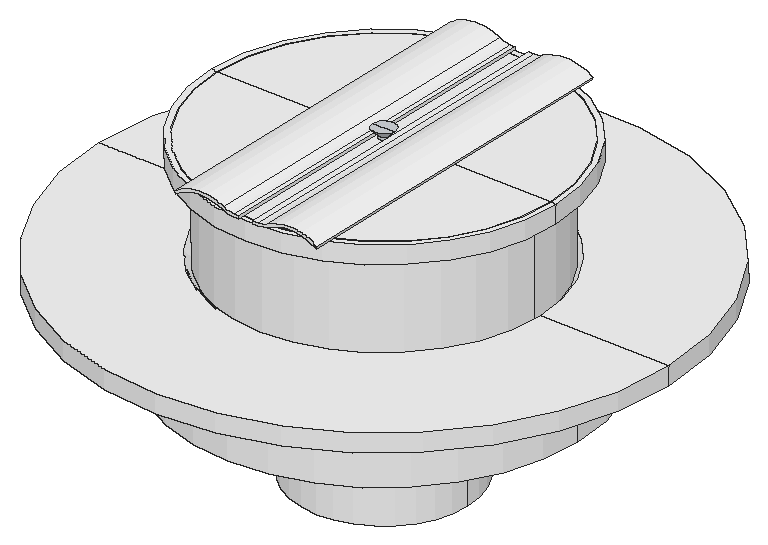
Revit family "Plumbing Fixture-FloorDrain_Mifab_C1100-RC", category Plumbing Fixtures, host Face, Revit 2013
Parameters (values of type "2"")
  WFU = 0
  URL = "WWW.MIFAB.COM"
  Top Assembly Height = 1.650"
  Strainer Radius = Stainer Diameter / 2  # 3.176"
  Stainer Diameter = 6.352"
  Pipe Radius = Pipe Diameter / 2  # 1.000"
  Pipe Diameter = 2.000"
  Model = "C1100-RC"
  Manufacturer = "MIFAB"
  Floor Drain Material = Paint - Sherwin Williams Paint - #952C2A - Bellwood Red
  Description = "FLOOR CLEANOUT WITH CARPET MARKER ROUND ADJUSTABLE COVER AND PLUG"
  Default Elevation = 0.000"
  Body Height = 2.750"
Types (4): name | Pipe Radius | Pipe Diameter
  (no name) | 1.000" | 2.000"
  3" | 1.500" | 3.000"
  2" | 1.000" | 2.000"
  4" | 2.000" | 4.000"
Reference planes (in)
  plane 1 "Center (Front/Back)": y = 0
  plane 2: z = 0
  plane 3 "Center (Left/Right)": x = 0
  plane 4: x = -3.176
  plane 5: x = 3.176
  plane 6: x = -1
  plane 7: x = 1
  plane 8: z = -4.4
  plane 9: z = -1.65
  plane 10: z = 0
  plane 11: z = 0
Forms (in)
  Revolve 1, solid, material "Paint - Sherwin Williams Paint - #952C2A - Bellwood Red" <- "Floor Drain Material"
    sketch origin (0, 0, 0) x (1, 0, 0) y (0, 0, 1)
      loop
        line (-2.12, -1.73) -> (-2.2, -1.65) -> (-4, -1.65) -> (-4, -1.9) -> (-2.73, -1.9) -> (-2.73, -3.05) -> (-2.5, -3.05) -> (-1.18, -3.4) -> (-1.18, -4.4) -> (-1, -4.4) -> (-1, -3.26151) -> (-2.32, -2.91151) -> (-2.32, -1.9) -> (-2.2, -1.9) -> (-2.12, -1.82) -> (-2.12, -1.73)
      axis (0, -4.4) -> (0, -1.65)
    angle from 0 to 360
  Revolve 2, solid, material "Paint - Sherwin Williams Paint - #952C2A - Bellwood Red" <- "Floor Drain Material"
    sketch origin (0, 0, 0) x (1, 0, 0) y (0, 0, 1)
      loop
        line (-2.34014, -0.16966) -> (-2.42014, -0.16966) -> (-2.42014, -0.41966) -> (-2.12014, -0.41966) -> (-2.12014, -1.99221) -> (-2.04014, -2.06966) -> (-1.97014, -2.06966) -> (-1.97014, -0.32966) -> (-2.34014, -0.32966) -> (-2.34014, -0.16966)
      axis (0, -0.16966) -> (0, -2.06966)
    angle from 0 to 360
  Revolve 3, solid
    sketch origin (0, 0, 0) x (1, 0, 0) y (0, 0, 1)
      loop
        line (0, -1.05366) -> (0, -0.05366) -> (-0.15, -0.05366) -> (-0.07, -0.13366) -> (-0.07, -1.05366) -> (0, -1.05366)
      axis (0, -0.05366) -> (0, -1.05366)
    angle from 0 to 360
  Revolve 4, solid, material "Paint - Sherwin Williams Paint - #952C2A - Bellwood Red" <- "Floor Drain Material"
    sketch origin (0, 0, 0) x (1, 0, 0) y (0, 0, 1)
      loop
        line (-2.34014, -0.16966) -> (-2.34014, -0.32966) -> (0, -0.32966) -> (0, -0.16966) -> (-2.34014, -0.16966)
      axis (0, -0.16966) -> (0, -0.32966)
    angle from 0 to 360
  Extrusion 5, solid, material "Paint - Sherwin Williams Paint - #952C2A - Bellwood Red" <- "Floor Drain Material"
    sketch origin (0, 0, 0.00021) x (1, 0, 0) y (0, 0, 1)
      loop
        arc (-0.30866, -0.09854) -> (-0.65918, -0.02053) -> (-1, -0.13366) r 0.67378
        line (-1, -0.13366) -> (-0.98889, -0.16966)
        arc (-0.98889, -0.16966) -> (-0.66275, -0.05678) -> (-0.32556, -0.13032) r 0.63778
        arc (-0.32556, -0.13032) -> (-0.24839, -0.15682) -> (-0.16781, -0.16966) r 0.47319
        line (-0.16781, -0.16966) -> (-0.1, -0.16966) -> (-0.1, -0.13366) -> (-0.16781, -0.13366)
        arc (-0.16781, -0.13366) -> (-0.24034, -0.12456) -> (-0.30866, -0.09854) r 0.30661
      loop
        arc (1, -0.13366) -> (0.65918, -0.02053) -> (0.30866, -0.09854) r 0.67378
        arc (0.30866, -0.09854) -> (0.24034, -0.12456) -> (0.16781, -0.13366) r 0.30661
        line (0.16781, -0.13366) -> (0.1, -0.13366) -> (0.1, -0.16966) -> (0.16781, -0.16966)
        arc (0.16781, -0.16966) -> (0.24839, -0.15682) -> (0.32556, -0.13032) r 0.47319
        arc (0.32556, -0.13032) -> (0.66275, -0.05678) -> (0.98889, -0.16966) r 0.63778
        line (0.98889, -0.16966) -> (1, -0.13366)
    from -2.41991 to 2.42019
Lines and regions (in)
  symbolic lines
    curve 1: circle (0, 0, 0) r 3.176 normal (0, 0, 1)
Dimensions and locks (in)
  equal spacing: plane 5, plane 3 "Center (Left/Right)", plane 4
  "Stainer Diameter": plane 5 to plane 4
  equal spacing: plane 7, plane 3 "Center (Left/Right)", plane 6
  "Pipe Diameter": plane 7 to plane 6
  locked: Revolve 1 sketch curve to Revolve 1 sketch curve at 0.25
  locked: Revolve 1 sketch curve to Revolve 1 sketch curve at 1.88
  locked: Revolve 1 sketch curve to Revolve 1 sketch curve at 0.41
  locked: Revolve 1 sketch curve to Revolve 1 sketch curve at 0.18  (x2)
  locked: Revolve 1 sketch curve to Revolve 1 sketch curve at 1.13849
  locked: Revolve 1 sketch curve to Revolve 1 sketch curve at 1.01151
  "Body Height": plane 9 to plane 8
  locked: Revolve 2 sketch curve to Revolve 2 sketch curve at 0.08
  locked: Revolve 2 sketch curve to Revolve 2 sketch curve at 1.74
  locked: Revolve 2 sketch curve to Revolve 2 sketch curve at 0.16
  locked: Revolve 2 sketch curve to Revolve 2 sketch curve at 0.15
  locked: Revolve 2 sketch curve to Revolve 2 sketch curve at 0.25
  locked: Revolve 1 sketch curve to Revolve 1 sketch curve at 4
  locked: Revolve 1 sketch curve to Revolve 1 sketch curve at 1
  locked: Revolve 1 sketch curve to Revolve 1 sketch curve at 1.15
  locked: Revolve 1 sketch curve to Revolve 1 sketch curve at 0.23
  locked: Revolve 1 sketch curve to Revolve 1 sketch curve at 2.73
  locked: Revolve 2 sketch curve to Revolve 2 sketch curve at 2.42014
  "Top Assembly Height": host face to plane 9
  "Strainer Radius": radius of curve 1
  aligned and locked: plane 2 to host face
  aligned and locked: level to host face
  aligned and locked: plane 1 "Center (Front/Back)" to curve 1
  aligned and locked: plane 3 "Center (Left/Right)" to curve 1
  aligned and locked: plane 3 "Center (Left/Right)" to Revolve 1 sketch curve
  aligned and locked: plane 6 to Revolve 1  (x2)
  aligned and locked: plane 7 to Revolve 1  (x2)
  aligned and locked: Revolve 3 sketch curve to plane 3 "Center (Left/Right)"  (x2)
  aligned and locked: plane 9 to Revolve 1
  aligned and locked: level to plane 10
  aligned and locked: level to plane 11
  aligned and locked: Revolve 2 sketch curve to plane 3 "Center (Left/Right)"
  aligned and locked: Revolve 4 sketch curve to plane 3 "Center (Left/Right)"
  aligned and locked: Revolve 4 sketch curve to Revolve 2  (x2)
  aligned and locked: Revolve 1 sketch curve to plane 6
Automatic sketch dimensions
  host sketch curve to host sketch curve = 96.000"  (x2)
  Revolve 2 sketch curve to plane 9 = 0.34221"
  plane 4 to Revolve 2 sketch curve = 1.05586"
  Revolve 2 sketch curve to Revolve 2 sketch curve = 0.080"
  Revolve 2 sketch curve to plane 9 = 0.350"
  level to Revolve 2 sketch curve = 1.750"
  Revolve 3 sketch curve to plane 3 "Center (Left/Right)" = 0.150"
  plane 9 to Revolve 3 sketch curve = 0.59634"
  Revolve 3 sketch curve to plane 9 = 0.000"
  Revolve 3 sketch curve to plane 3 "Center (Left/Right)" = 0.070"
  Revolve 3 sketch curve to level = 0.13366"
  Revolve 3 sketch curve to Revolve 3 sketch curve = 0.080"
  level to Revolve 3 sketch curve = 0.250"
  Revolve 2 sketch curve to plane 9 = 0.41966"
  Revolve 4 sketch curve to plane 3 "Center (Left/Right)" = 0.000"
  Revolve 4 sketch curve to Revolve 4 sketch curve = 0.30895"
  level to Revolve 4 sketch curve = 0.0889"
  Revolve 1 sketch curve to plane 9 = 0.000"
  plane 4 to Revolve 1 sketch curve = 0.976"
  Revolve 1 sketch curve to plane 9 = 0.170"
  Revolve 1 sketch curve to Revolve 1 sketch curve = 0.080"
  Revolve 1 sketch curve to plane 9 = 0.080"
  Revolve 1 sketch curve to plane 8 = 1.750"
  level to Revolve 1 sketch curve = 5.350"
  plane 4 to Revolve 4 sketch curve = 0.83586"
  Extrusion 5 sketch curve to Extrusion 5 sketch curve = 0.000"  (x6)
  plane 8 to Extrusion 5 sketch curve = 4.26655"  (x2)
  plane 5 to Extrusion 5 sketch curve = 4.176"
  plane 8 to Extrusion 5 sketch curve = 4.23055"  (x3)
  Extrusion 5 sketch curve to Extrusion 5 sketch curve = 0.01111"  (x2)
  Extrusion 5 sketch curve to Extrusion 5 sketch curve = 0.82108"  (x2)
  Extrusion 5 sketch curve to Extrusion 5 sketch curve = 0.06781"  (x2)
  Extrusion 5 sketch curve to Extrusion 5 sketch curve = 0.200"
  Extrusion 5 sketch curve to Extrusion 5 sketch curve = 0.36389"
  Extrusion 5 sketch curve to Extrusion 5 sketch curve = 0.15775"
  Extrusion 5 sketch curve to Extrusion 5 sketch curve = 0.0169"  (x2)
  Extrusion 5 sketch curve to Extrusion 5 sketch curve = 0.00165"
  Extrusion 5 sketch curve to Extrusion 5 sketch curve = 0.03226"  (x2)
  Extrusion 5 sketch curve to Extrusion 5 sketch curve = 0.26781"
  Extrusion 5 sketch curve to Extrusion 5 sketch curve = 0.14085"
  Extrusion 5 sketch curve to Extrusion 5 sketch curve = 0.29944"
  Extrusion 5 sketch curve to Extrusion 5 sketch curve = 0.036"  (x2)
  Extrusion 5 sketch curve to Extrusion 5 sketch curve = 0.52378"  (x2)
  Extrusion 5 sketch curve to level = 0.16945"
  plane 1 "Center (Front/Back)" to curve 1 = 0.000"
  curve 1 to plane 3 "Center (Left/Right)" = 0.000"
Connectors (in)
  piping at (0, 0, -4.4), driven by "Pipe Radius"
    settings: on Revolve 1, index 1, connector radius 1", flow factor 0, pipe flow 0 GPM, pressure drop 0.00 psi, fitting loss kfactor 0, connector angle 0.00°, fixture units 0, engagement length 0.000", flow configuration 0, flow direction 0, fitting loss method 0, system type 7, joint type 0, gender type 0, connector reference index -1, connector utility 0, adjustable connector no, is connector primary yes, fitting loss table "", connector description ""
